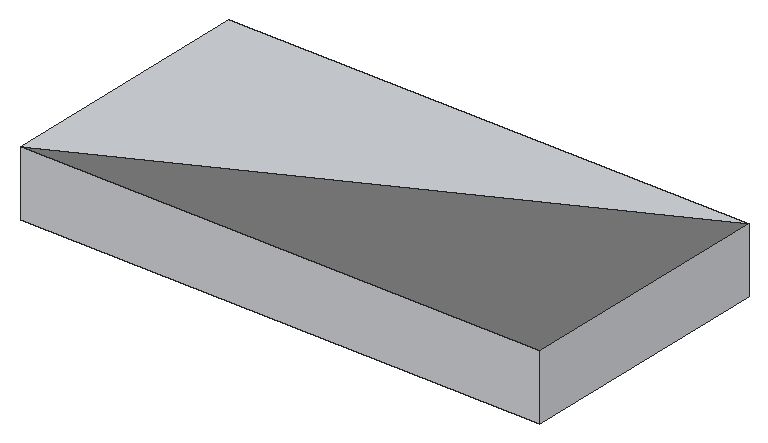
Revit family "電線管用ファミリ(片側のみ)_12", category Electrical Fixtures, Revit 2022
Family settings
  Round Connector Dimension = Use Diameter
  Part Type = Normal
  OmniClass Number = 23.80.00.00
  OmniClass Title = Electric Power and Lighting
  Work Plane-Based = No
  Always vertical = Yes
  Cut with Voids When Loaded = No
  Maintain Annotation Orientation = No
  Shared = No
  Room Calculation Point = No
Parameters
  コネクタ直径 [instance] = 16 mm
  W [instance] = 400 mm
  Default Elevation = 0 mm
  D [instance] = 200 mm
Reference planes
  plane 1 "Center (Front/Back)": y = 0
  plane 2: z = 0
  plane 3 "Center (Left/Right)": x = 0
  plane 4: x = -200
  plane 5: x = 200
  plane 6: y = 100
  plane 7: y = -100
  plane 8: z = 50
Forms (mm)
  Extrusion 1, solid
    sketch origin (0, 0, 0) x (1, 0, 0) y (0, 1, 0)
      loop
        line (-200, 100) -> (-200, -100) -> (200, -100) -> (200, 100) -> (-200, 100)
    from 0 to 50
  Extrusion 2, solid, material "Default Solid Fill"
    sketch origin (0, 0, 0) x (1, 0, 0) y (0, 1, 0)
      loop
        line (200, 100) -> (-200, -100) -> (200, -100) -> (200, 100)
    from 0 to 50
Dimensions and locks
  equal spacing: plane 4, plane 3 "Center (Left/Right)", plane 5
  "W": plane 4 to plane 5
  equal spacing: plane 6, plane 1 "Center (Front/Back)", plane 7
  "D": plane 6 to plane 7
  aligned and locked: level to plane 2
  aligned and locked: plane 8 to Extrusion 1
  aligned and locked: plane 8 to Extrusion 2
Automatic sketch dimensions
  Extrusion 1 sketch curve to plane 4 = 0 mm
  Extrusion 1 sketch curve to plane 5 = 0 mm
  Extrusion 1 sketch curve to plane 7 = 0 mm
  Extrusion 1 sketch curve to plane 6 = 0 mm
  Extrusion 2 sketch curve to plane 4 = 0 mm
  Extrusion 2 sketch curve to plane 5 = 0 mm
  Extrusion 2 sketch curve to plane 7 = 0 mm
  Extrusion 2 sketch curve to plane 6 = 0 mm
Connectors
  cabletrayconduit at (0, 0, 50), diameter 16
    settings: on Extrusion 1, index 1, connector width 300 mm, connector height 300 mm, connector angle 0.00°, system type 32, placement type 0, profile type 0, connector reference index -1, is primary connector yes, connector utility param no, connector description ""
